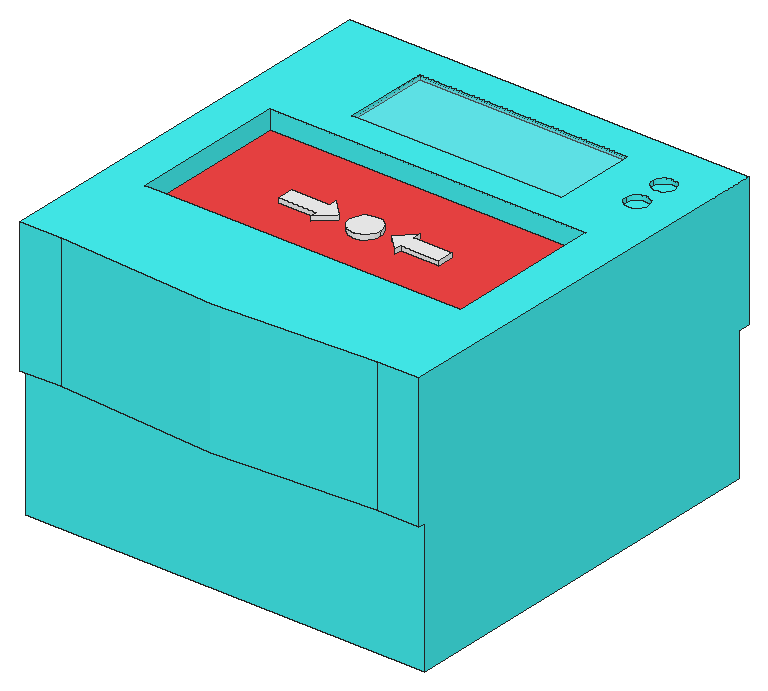
Revit family "Maxlogic manual call poınt resettable (Low IP)", category Fire Alarm Devices, host Face, Revit 2022
Family settings
  Host = Face
  Round Connector Dimension = Use Diameter
  Part Type = Normal
  OmniClass Number = 23.85.30.21
  OmniClass Title = Environmental Detection/Registration
  Cut with Voids When Loaded = No
  Maintain Annotation Orientation = Yes
  Shared = No
  Room Calculation Point = No
Parameters (values of type "Maxlogic Conventional Manual Call Point, Resettable, Weatherproof (IP65), NC/NO Contact")
  Weight = "270 gr."
  Weatherproof surface mounting back box = ""
  Warranty Duration Unit = "Year"
  Warranty Duration Parts = "2"
  Warranty Duration Labor = "2"
  Version = ""
  URL = "https://www.mavili.com.tr/en"
  Recessed mounting base = ""
  Public Works Pose Number = "35.415.1420"
  Protective Cover = ""
  Protection Sign = "IP65"
  Product Code = "ML-2731"
  Phone Number = "(+)90 216 466 45 05"
  Operatonal Voltage (default) = "24 V/DC"
  Operating voltage range = "10-30 V/DC"
  Operating temperature = "(-25°C) - (+70°C)"
  Nominal Depth = "58 mm"
  Nominal  Width = "87 mm"
  Nominal Height = "91 mm"
  Mounting surface = "wall mount"
  Mounting height = "140 cm above from ground (+/-200mm)"
  Model = "MaxLogic"
  Manufacturer = "Mavili Elektronik Ticaret A.Ş."
  Manual Call Point Led = no
  Installation Manual = "https://mavilielektronik.com/Revit/ML2731_kk.pdf"
  Indicator output = ""
  Fax Number = "(+)90 216 466 45 10"
  External supply = ""
  Email = "mavili@mavili.com.tr"
  Disclaimer = ""
  Device Adress Setup = ""
  Description = "Conventional Manual Call Point, Resettable, Weatherproof (IP65), NC/NO Contact"
  Default Elevation = 0 mm
  Current consumption = ""
  Cost unıt = ""
  Cost = 0
  Compatible sockets = ""
  Color = "Red"
  Code Performance = "EN 54-11"
  Main Material = "Red Plastic ABS"
  Secondary Material = "Plastic"
  Address line 1 = "Şerifali Mahallesi Kutup Sokak No:27/1-2-4 Ümraniye TR-34775 İSTANBUL"
Types (6, lengths in mm): name | Weight | Public Works Pose Number | Protective Cover | Protection Sign | Product Code | Operating voltage range | Operating temperature | Manual Call Point Led | Installation Manual | Device Adress Setup | Description
  (no name) | "270 gr." | "35.415.1420" | "" | "IP65" | "ML-2731" | "10-30 V/DC" | "(-25°C) - (+70°C)" | no | "https://mavilielektronik.com/Revit/ML2731_kk.pdf" | "" | "Conventional Manual Call Point, Resettable, Weatherproof (IP65), NC/NO Contact"
  Maxlogic Conventional fire alarm call point, resettable | "140 gr." | "830-102" | "ML-0710" | "IP22D" | "ML-2710" | "10-30 V/DC" | "(-10°C) - (+55°C)" | no | "https://mavilielektronik.com/Revit/ML2710_kk.pdf" | "" | "Conventional fire alarm call point, resettable"
  Maxlogic Addressable manual call point, resettable, two-terminal back box | "150 gr." | "833-557" | "ML-0710" | "IP22D" | "ML-1710" | "18-33 V/DC" | "(-10°C) - (+55°C)" | yes | "https://mavilielektronik.com/Revit/ML1710_kk.pdf" | "The address is given to devices by addressable programmer" | "Addressable manual call point, resettable, two-terminal back box"
  Maxlogic Addressable manual call point, short circuit isolator, resettable | "150 gr." | "833-558" | "ML-0710" | "IP22D" | "ML-1710.SCI" | "10-30 V/DC" | "(-10°C) - (+55°C)" | yes | "https://mavilielektronik.com/Revit/ML1710_kk.pdf" | "The address is given to devices by addressable programmer" | "Addressable manual call point, short circuit isolator, resettable"
  Maxlogic Conventional Manual Call Point, Resettable, Weatherproof (IP65) | "270 gr." | "35.415.1420" | "ML-0710" | "IP65" | "ML-2730" | "10-30 V/DC" | "(-25°C) - (+70°C)" | no | "https://mavilielektronik.com/Revit/ML2730_kk.pdf" | "" | "Conventional Manual Call Point, Resettable, Weatherproof (IP65)"
  Maxlogic Conventional Manual Call Point, Resettable, Weatherproof (IP65), NC/NO Contact | "270 gr." | "35.415.1420" | "" | "IP65" | "ML-2731" | "10-30 V/DC" | "(-25°C) - (+70°C)" | no | "https://mavilielektronik.com/Revit/ML2731_kk.pdf" | "" | "Conventional Manual Call Point, Resettable, Weatherproof (IP65), NC/NO Contact"
Reference planes
  plane 1 "Center (Front/Back)": y = 0
  plane 2: z = 0
  plane 3 "Center (Left/Right)": x = 0
Forms (mm)
  Extrusion 1, solid, material "MAVİLİ KIRMIZI"
    sketch origin (0, 0, 0) x (1, 0, 0) y (0, 1, 0)
      loop
        line (0, 89.883) -> (0, 0) -> (8.74, 0)
        arc (8.74, 0) -> (43.246, -2.016) -> (77.752, 0) r 296.28
        line (77.752, 0) -> (87.027, 0) -> (87.027, 89.883) -> (0, 89.883)
    from 0 to 58
  Extrusion 2, void
    sketch origin (0, 0, 0) x (0, 1, 0) y (0, 0, 1)
      loop
        line (89.883, 29.005) -> (87.283, 29.005) -> (87.283, -4.106) -> (89.883, -4.106) -> (89.883, 29.005)
    from 0 to 90.479
  Extrusion 3, void
    sketch origin (0, 0, 0) x (0, 1, 0) y (0, 0, 1)
      loop
        line (-3.567, 28.975) -> (-3.567, -2.735) -> (1.471, -2.735) -> (1.471, 28.975) -> (-3.567, 28.975)
    from 0 to 87.027
  Extrusion 4, void
    sketch origin (0, 0, 58) x (0, 1, 0) y (1, 0, 0)
      loop
        line (57.252, 8.74) -> (57.252, 77.752) -> (22.919, 77.752) -> (22.919, 8.74) -> (57.252, 8.74)
    from 0 to 5
  Extrusion 5, solid, material "Render Material 255-0-0"
    sketch origin (0, 0, 53) x (0, 1, 0) y (-1, 0, 0)
      loop
        line (57.252, -8.74) -> (22.919, -8.74) -> (22.919, -77.752) -> (57.252, -77.752) -> (57.252, -8.74)
    from 0 to 1
  Extrusion 6, solid, material "Render Material 255-255-255"
    sketch origin (0, 0, 54) x (1, 0, 0) y (0, 1, 0)
      loop
        circle (43.246, 40.085) r 3.37
    from 0 to 1
  Extrusion 7, solid, material "Render Material 255-255-255"
    sketch origin (0, 0, 54) x (1, 0, 0) y (0, 1, 0)
      loop
        line (49.1, 40.085) -> (52.47, 36.715) -> (52.47, 38.309) -> (60.788, 38.309) -> (60.788, 41.861) -> (52.47, 41.861) -> (52.47, 43.455) -> (49.1, 40.085)
    from 0 to 1
  Extrusion 8, solid, material "Render Material 255-255-255"
    sketch origin (86.492, 0, 54) x (-1, 0, 0) y (0, -1, 0)
      loop
        line (49.1, -40.085) -> (52.47, -43.455) -> (52.47, -41.861) -> (60.788, -41.861) -> (60.788, -38.309) -> (52.47, -38.309) -> (52.47, -36.715) -> (49.1, -40.085)
    from 0 to 1
  Extrusion 9, void
    sketch origin (0, 0, 58) x (0, 1, 0) y (1, 0, 0)
      loop
        circle (78.518, 77.752) r 2.471
    from 0 to 1
  Extrusion 10, void
    sketch origin (0, -7.362, 58) x (0, 1, 0) y (1, 0, 0)
      loop
        circle (78.518, 77.752) r 2.471
    from 0 to 1
  Extrusion 11, void
    sketch origin (0, 0, 58) x (0, 1, 0) y (1, 0, 0)
      loop
        line (82.6, 21.063) -> (82.6, 66.836) -> (64.116, 66.836) -> (64.116, 21.063) -> (82.6, 21.063)
    from 0 to 1
  Extrusion 12, solid, material "MAVİLİ ETİKET"
    sketch origin (0, 0, 57) x (0, 1, 0) y (-1, 0, 0)
      loop
        line (82.6, -21.063) -> (64.116, -21.063) -> (64.116, -66.836) -> (82.6, -66.836) -> (82.6, -21.063)
    from 0 to 0.5
  Revolve 13, solid, visible <- "Manual Call Point Led"
    sketch origin (0, 0, 58) x (1, 0, 0) y (0, 1, 0)
      loop
        arc (75.282, 78.518) -> (77.752, 76.048) -> (80.223, 78.518) r 2.471
        line (80.223, 78.518) -> (75.282, 78.518)
      axis (75.282, 78.518) -> (80.223, 78.518)
    angle from 0 to -180
  Revolve 14, solid, visible <- "Manual Call Point Led"
    sketch origin (0, -7.362, 58) x (1, 0, 0) y (0, 1, 0)
      loop
        arc (75.282, 78.518) -> (77.752, 76.048) -> (80.223, 78.518) r 2.471
        line (80.223, 78.518) -> (75.282, 78.518)
      axis (75.282, 78.518) -> (80.223, 78.518)
    angle from 0 to -180
Cuts and joins
  Extrusion 2, Extrusion 3, Extrusion 4, Extrusion 9, Extrusion 10, Extrusion 11 cuts Extrusion 1
Dimensions and locks
  aligned and locked: plane 2 to host face
  aligned and locked: level to host face
